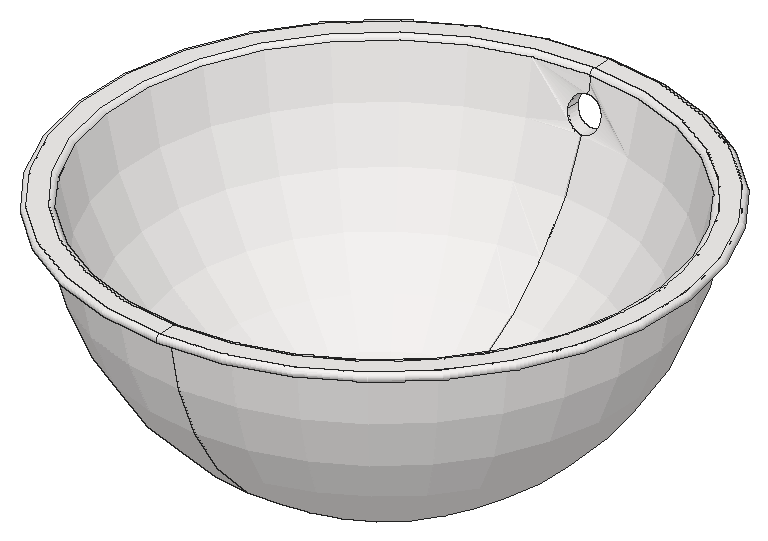
Revit family "Lavabo Adalie JZ2007104", category Generic Models, Revit 2014
Parameters (values of type "JZ2007104")
  desague cromado = Stainless Steel AISI 310
  Material = Porcelain, Linen
  h = 200 mm
  ANCHO = 425 mm
Types (3, lengths in mm): name | desague cromado | h | ANCHO
  (no name) | Stainless Steel AISI 310 | 200 | 425
  JZ2007104 | Stainless Steel AISI 310 | 200 | 425
  JZ2007100 | none | 140 | 360
Reference planes
  plane 1 "Center (Front/Back)": y = 0
  plane 2: z = 0
  plane 3 "Center (Left/Right)": x = 0
  plane 4: z = 200
  plane 5: y = -212.5
  plane 6: x = 210.433
  plane 7: x = -208.32
  plane 8: y = 212.5
  plane 9: x = 181.68
  plane 10: x = -178.32
  plane 11: z = 185
Forms (mm)
  Revolve 1, solid, material "Porcelain, Linen" <- "Material"
    sketch origin (0, -7.35, 0) x (0, 1, 0) y (0, 0, 1)
      loop
        spline (-205.15, 200) -> (-206.037, 199.895) -> (-206.863, 199.585) -> (-207.573, 199.093) -> (-208.117, 198.452) -> (-208.459, 197.706) -> (-208.576, 196.905) -> (-208.459, 196.104) -> (-208.117, 195.357) -> (-207.573, 194.716) -> (-206.863, 194.224) -> (-206.037, 193.915) -> (-205.15, 193.81)
        line (-205.15, 193.81) -> (-195.591, 193.81)
        arc (-195.591, 193.81) -> (-136.684, 69.141) -> (-12.65, 8.908) r 207.522
        line (-12.65, 8.908) -> (-12.65, 0) -> (7.35, 0) -> (7.35, 21.723)
        arc (7.35, 21.723) -> (-122.582, 73.402) -> (-187.876, 197.054) r 202.124
        arc (-187.876, 197.054) -> (-189.318, 199.18) -> (-191.752, 200) r 4.021
        line (-191.752, 200) -> (-205.15, 200)
      axis (7.35, 200) -> (7.35, 0)
    angle from 0 to 360
  Extrusion 2, void
    sketch origin (0, 0, 0) x (1, 0, 0) y (0, 1, 0)
      loop
        circle (0, 0) r 15
    from 0 to 48.571
  Extrusion 3, void
    sketch origin (0, 0, 0) x (1, 0, 0) y (0, 0, 1)
      loop
        circle (0, 172.5) r 12.5
    from -208.825 to -179.249
Cuts and joins
  Extrusion 2, Extrusion 3 cuts Revolve 1
Dimensions and locks
  "h": plane 4 to level
  "ANCHO": plane 8 to plane 5
  equal spacing: plane 8, plane 1 "Center (Front/Back)", plane 5
  plane 7 to plane 6 = 418.753 mm
  plane 5 to plane 8 = 425 mm
  aligned and locked: level to plane 2
  aligned and locked: Revolve 1 sketch curve to plane 1 "Center (Front/Back)"
  aligned and locked: Revolve 1 sketch curve to Revolve 1 sketch curve
  aligned and locked: plane 4 to Revolve 1 sketch curve
  aligned and locked: Revolve 1 sketch curve to level
Automatic sketch dimensions
  Revolve 1 sketch curve to plane 5 = 0 mm
  plane 5 to Revolve 1 sketch curve = 9.559 mm
  Revolve 1 sketch curve to Revolve 1 sketch curve = 3.84 mm
  level to Revolve 1 sketch curve = 8.908 mm
  plane 1 "Center (Front/Back)" to Revolve 1 sketch curve = 20 mm
  Revolve 1 sketch curve to plane 1 "Center (Front/Back)" = 3.486 mm
  Revolve 1 sketch curve to plane 1 "Center (Front/Back)" = 5.123 mm
  Revolve 1 sketch curve to Revolve 1 sketch curve = 21.723 mm
  Revolve 1 sketch curve to plane 4 = 6.19 mm
  Revolve 1 sketch curve to plane 4 = 4.021 mm
  Revolve 1 sketch curve to Revolve 1 sketch curve = 8.686 mm
  Revolve 1 sketch curve to level = 125 mm
  Revolve 1 sketch curve to Revolve 1 sketch curve = 31.24 mm
  Extrusion 2 sketch curve to Extrusion 2 sketch curve = 0 mm  (x2)
  Extrusion 2 sketch curve to plane 3 "Center (Left/Right)" = 0 mm
  plane 1 "Center (Front/Back)" to Extrusion 2 sketch curve = 0 mm
  plane 1 "Center (Front/Back)" to Extrusion 2 sketch curve = 15 mm
  Extrusion 3 sketch curve to plane 3 "Center (Left/Right)" = 0 mm
  Extrusion 3 sketch curve to plane 11 = 12.5 mm
  radius of Extrusion 3 sketch curve = 12.5 mm
